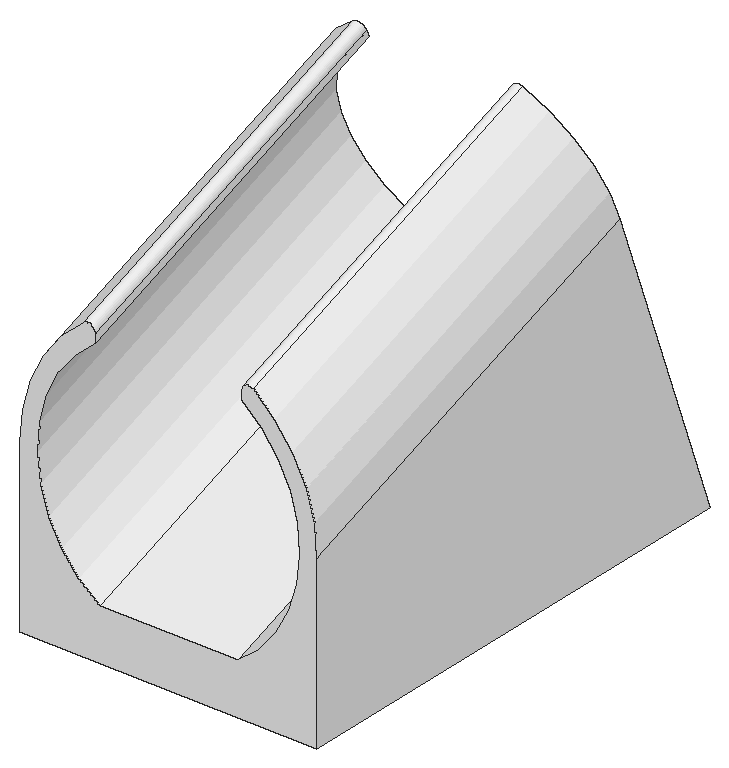
Revit family "PRD_FrankeWS_PlstcsBrckts_WallMounting_FAID905", category Plumbing Fixtures, host Face, Revit 2018
Family settings
  Host = Face
  Round Connector Dimension = Use Diameter
  Part Type = Normal
  OmniClass Number = 23.45.05.14.24
  OmniClass Title = Eye Wash Fountains
  Cut with Voids When Loaded = Yes
  Shared = Yes
  Room Calculation Point = No
Parameters (values of type "FAID905")
  WarrantyStartDate [instance] = "1900-12-31T23:59:59"
  WarrantyGuarantorParts = "n/a"
  WarrantyGuarantorLabor = "n/a"
  WarrantyDurationUnit = "year"
  WarrantyDurationParts = "n/a"
  WarrantyDurationLabor = "n/a"
  WarrantyDescription = "n/a"
  Version = "1"
  Uniclass2015Version = "Products v1.17"
  Uniclass2015Title = "Plastics brackets"
  Uniclass2015Code = "Pr_20_85_09_63"
  URL = "www.kwc.com"
  TailorMade = "No"
  TagNumber [instance] = "n/a"
  SustainabilityPerformance = "n/a"
  Status = "New"
  Size = "n/a"
  Shape = "n/a"
  SerialNumber [instance] = "n/a"
  Revision = "n/a"
  ReplacementCost = "n/a"
  Reference = "n/a"
  QuantityUom = "Piece"
  Quantity = "1"
  ProductInformation = "https://pim.kwc.com/product/2000103189/attachment/datasheet?locale=en"
  ProductCode = "230.0639.284"
  NominalWidth = 0.00 mm
  NominalLength = 0.00 mm
  NominalHeight = 0.00 mm
  NominalDepth = 0.00 mm
  NetWeight = 0.08 kg
  Name = "Wall mounting FAID905"
  NBSTypeID = "n/a"
  NBSReference = "n/a"
  NBSOfficeMasterTag = "n/a"
  NBSNote = "n/a"
  NBSDescription = "n/a"
  NBSCertification = "n/a"
  MountingMaterial = PRD_AR_Plastic_White
  ModelReference = "FAID905"
  ModelNumber = "2000103189"
  Model = ModelReference  # "FAID905"
  Material = "Plastic"
  ManufacturerURL = "www.kwc.com"
  ManufacturerName = "KWC Group AG"  # constant formula
  Manufacturer = ManufacturerName  # "KWC Group AG"
  IntegralAccessories = "n/a"
  InstallationDate [instance] = "1900-12-31T23:59:59"
  IfcExportType = "USERDEFINED"
  IfcExportAs = "IfcSanitaryTerminalType"
  GrossWeight = 0.08 kg
  Grade = "n/a"
  Finish = "n/a"
  Features = "plastic, white"
  ExpectedLife = "n/a"
  DurationUnit = "year"
  Description = "Wall bracket, plastic, white, with screw mounting. Complementary part or spare part for the eye- and face-wash fountains FAID100, FAID101, FAID102, FAID103."
  Default Elevation = 1500.00 mm
  CreatedOn = "08/2021"  # constant formula
  Constituents = "n/a"
  Color = "white"
  CodePerformance = "n/a"
  Category = "Pr_20_85_09_63, Plastics brackets"
  BarCode [instance] = "n/a"
  BIMObjectName = "PRD_AR_PlasticsBrackets_WallMounting_FAID905"
  Author = "Archispace"  # constant formula
  AssetType = "Fixed"
  AssetIdentifier [instance] = "n/a"
  AccessibilityPerformance = "n/a"
Reference planes
  plane 1 "Center (Front/Back)": y = 0
  plane 2: z = 0
  plane 3 "Center (Left/Right)": x = 0
  plane 4: z = 197.5
  plane 5: through (0, 32.991, -0.007) normal (0, 0.9397, 0.342)
Forms (mm)
  Extrusion 1, void
    sketch origin (0, 114.78, -93.25) x (0, 1, 0) y (0, 0, 1)
      loop
        line (-81.77, 93.25) -> (-147.77, 93.25) -> (-147.77, 139.604) -> (-175.398, 139.604) -> (-175.398, 66.87) -> (-81.77, 66.87) -> (-81.77, 93.25)
    from -25.322 to 33.96
  Extrusion 2, solid, material "PRD_AR_Plastic_White" <- "MountingMaterial", detail levels medium
    sketch origin (0, 0, 0) x (0, 1, 0) y (0, 0, 1)
      loop
        line (32.988, 0) -> (12.26, 56.951) -> (-32.991, 40.481) -> (-32.991, 0) -> (32.988, 0)
    from -20 to 20
  Extrusion 3, solid, material "PRD_AR_Plastic_White" <- "MountingMaterial", detail levels coarse
    sketch origin (0, 0, 0) x (0, 1, 0) y (0, 0, 1)
      loop
        line (32.991, 0) -> (32.991, 56.951) -> (-32.991, 56.951) -> (-32.991, 0) -> (32.991, 0)
    from -20 to 20
  Sweep 4, solid, material "PRD_AR_Plastic_White" <- "MountingMaterial", detail levels fine
    path origin (0, 0, 0) x (0, 1, 0) y (0, 0, 1)
      loop
        line (17.939, 41.346) -> (-51.21, 16.178)
    profile origin (0, -16.635, 28.762) x (0, 0.34202, -0.939693) y (1, 0, 0)
      loop
        line (44.007, 20) -> (0, 20)
        arc (0, 20) -> (-9.269, 17.722) -> (-16.427, 11.408) r 20
        arc (-16.427, 11.408) -> (-16.492, 10.375) -> (-15.606, 9.838) r 1
        line (-15.606, 9.838) -> (-14.644, 9.838)
        arc (-14.644, 9.838) -> (0.316, 17.639) -> (14.987, 9.308) r 17.642
        line (14.987, 9.308) -> (14.987, -9.308)
        arc (14.987, -9.308) -> (0.316, -17.639) -> (-14.644, -9.838) r 17.642
        line (-14.644, -9.838) -> (-15.606, -9.838)
        arc (-15.606, -9.838) -> (-16.492, -10.375) -> (-16.427, -11.408) r 1
        arc (-16.427, -11.408) -> (-9.269, -17.722) -> (0, -20) r 20
        line (0, -20) -> (44.007, -20) -> (44.007, 20)
Cuts and joins
  Extrusion 1 cuts Sweep 4
Lines and regions (mm)
  symbolic lines, style "PlumbingFixtures", detail levels fine
    curve 1: line (0, 23.519, 0) -> (0, -23.519, 0)
Dimensions and locks
  aligned and locked: plane 2 to host face
  aligned and locked: level to host face
